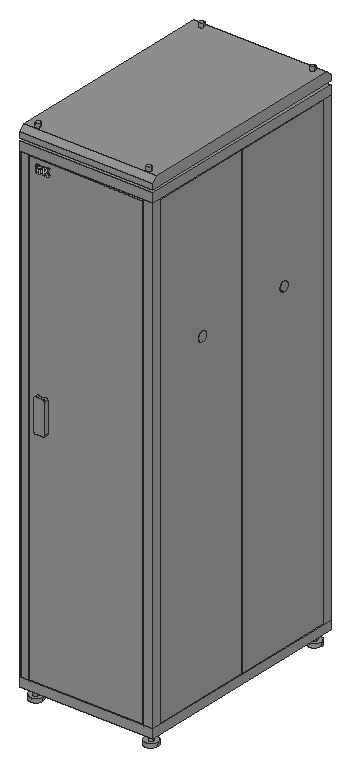
Revit family "ITK Шкаф сетевой 19 LINEA N 18U (600х1000 мм ) с металлической передней дверью", category Электрооборудование, Revit 2016
Family settings
  Тип детали = Другая панель
  Размер круглого соединителя = Использовать диаметр
  Номер OmniClass = 23.80.30.11.17
  Заголовок OmniClass = Distribution Boards and Control Panels
  На основе рабочей плоскости = Нет
  Всегда вертикально = Да
  При загрузке вырезать с полостями = Нет
  Общий = Нет
  Точка расчета площади = Нет
Parameters
  Ширина УГО = Ширина / 100  # 6 mm
  Ширина = 600 mm
  Степень защиты = "IP20"
  Смещение УГО по X [instance] = 1000 mm
  Основание = 50 mm
  Описание = "Напольные 19-дюймовые шкафы серии LINEA N применяются для размещения различного телекоммуникационного 19-дюймового активного и пассивного оборудования и небольших серверов, а также специализированного оборудования стандарта 19 дюймов, и отлично подходят для размещения как в офисных помещениях, так и в специализированных серверных комнатах.\r\n\r\nШирокий диапазон типоразмеров и модификаций сетевых шкафов, а также наличие большого количества комплектующих и аксессуаров к ним позволяет заказчику подобрать необходимую спецификацию в соответствии со стоящими перед ним задачами, а соответствие международным стандартам, таким как ISO9001, IEC 297, ISO/IEC 1180, обеспечивает совместимость с компонентами СКС и оборудованием других производителей.\r\n\r\nШкафы LINEA N обладают современным привлекательным дизайном и технологичной, но в то же время простой и удобной конструкцией, которая дает возможность эффективно справляться с задачами быстрого монтажа, администрирования и оперативного изменения конфигурации 19-дюймового оборудования, задачей защиты этого оборудования и поддержания для него оптимального температурного режима. Доступ внутрь шкафа возможен со всех сторон, для ввода кабеля предусмотрены вводы в верхней и нижней части. Сборка шкафа осуществляется одним специалистом и занимает не более 20 минут.\r\nРегулируемые по глубине 19-дюймовые направляющие.\r\nСовременный привлекательный дизайн.\r\nМонтажные профили имеют разметку в юнитах (U).\r\nХорошая естественная вентиляция, возможность установки дополнительных вентиляторных модулей.\r\nБоковые стенки оснащены замком и защелками.\r\nВозможность замены регулируемых ножек на ролики с тормозом.\r\nСтатическая нагрузка до 1000 кг (ножки).\r\nСборка одним человеком за 20 минут.\r\nНаличие большого количества совместимых аксессуаров и комплектующих производства ITK.\r\nВозможно исполнение в двух цветах: сером (RAL7035) и черном (RAL9005).\r\nРасширенная гарантия до 10 лет."  # constant formula
  Материал = Окраска - RAL 9005
  Крышка вентиляционная = 60 mm
  Type Comments = " "
  Assembly Code = ""
  Изготовитель = "ITK"  # constant formula
  Засечка УГО = 1.2 mm  # constant formula
  Model = ""
  Глубина УГО = Глубина / 100  # 10 mm
  Глубина = 1000 mm
  Высота = 2312 mm
  Вид установки = "Напольный"
  URL = "http://www.itk-group.ru/produktsiya/catalog/?page=section&id=450&pagen=1&pagec=100"
  ADSK_Ток = ADSK_Номинальная мощность / (ADSK_Коэффициент мощности * ADSK_Напряжение * sqrt(ADSK_Количество фаз числовое))  # 0 A
  ADSK_Примечание = ""
  ADSK_Полная мощность = ADSK_Номинальная мощность / ADSK_Коэффициент мощности  # 0 VA
  ADSK_Позиция [instance] = ""
  ADSK_Номинальная мощность = 0 W
  ADSK_Напряжение = 220 V
  ADSK_Наименование краткое = "LN35-47U61-M"
  ADSK_Наименование = "ITK Шкаф сетевой 19\" LINEA N 47U 600х1000 мм, металлическая передняя дверь, серый"
  ADSK_Масса = 0
  ADSK_Марка = "LN35-47U61-M"
  ADSK_Коэффициент мощности = 1
  ADSK_Количество фаз числовое = 1
  ADSK_Количество фаз = 1
  ADSK_Код изделия = ""
  ADSK_Классификация нагрузок = Прочее
  ADSK_Завод-изготовитель = "IEK"
  ADSK_Единица измерения = "шт"
  ADSK_Группирование = "I. ЩИТЫ И ПУЛЬТЫ"
Reference planes
  plane 1 "По центру (Вперед/Назад)": y = 0
  plane 2: z = 0
  plane 3 "По центру (Влево/Вправо)": x = 0
  plane 4: x = -300
  plane 5: x = 300
  plane 6: y = 500
  plane 7: y = -500
  plane 8: z = 2312
  plane 9: z = 250
  plane 10: z = 2252
  plane 11: z = 50
  plane 12 "Смещение УГО по X": x = -1000
Forms (mm)
  Extrusion 1, solid, detail levels coarse+medium
    sketch origin (0, 0, 0) x (1, 0, 0) y (0, 1, 0)
      loop
        line (-300, 500) -> (-300, -500) -> (300, -500) -> (300, 500) -> (-300, 500)
    from 0 to 2312 <- "Высота"
Lines and regions (mm)
  reference lines
    curve 1: line (0, 206.72, 0) -> (0, -333.28, 0)
Dimensions and locks
  equal spacing: plane 7, plane 1 "По центру (Вперед/Назад)", plane 6
  "Глубина": plane 7 to plane 6
  equal spacing: plane 4, plane 3 "По центру (Влево/Вправо)", plane 5
  "Ширина": plane 4 to plane 5
  "Крышка вентиляционная": plane 8 to plane 10
  "Основание": plane 11 to plane 2
  "Высота": plane 8 to plane 2
  plane 12 "Смещение УГО по X" to plane 3 "По центру (Влево/Вправо)" = 1000 mm
  "Смещение УГО по X": plane 12 "Смещение УГО по X" to curve 1
  aligned and locked: level to plane 2
  aligned and locked: plane 1 "По центру (Вперед/Назад)" to nested 1
  aligned and locked: plane 3 "По центру (Влево/Вправо)" to nested 1
  aligned and locked: plane 1 "По центру (Вперед/Назад)" to nested 2
  aligned and locked: plane 3 "По центру (Влево/Вправо)" to nested 2
  aligned and locked: plane 1 "По центру (Вперед/Назад)" to nested 3
  aligned and locked: plane 3 "По центру (Влево/Вправо)" to nested 3
  aligned and locked: plane 3 "По центру (Влево/Вправо)" to nested 4
  aligned and locked: plane 1 "По центру (Вперед/Назад)" to nested 4
  aligned and locked: plane 1 "По центру (Вперед/Назад)" to nested 5
  aligned and locked: plane 3 "По центру (Влево/Вправо)" to nested 5
  aligned and locked: Extrusion 1 sketch curve to plane 4
  aligned and locked: Extrusion 1 sketch curve to plane 6
  aligned and locked: plane 7 to Extrusion 1 sketch curve
  aligned and locked: plane 5 to Extrusion 1 sketch curve
  aligned and locked: plane 1 "По центру (Вперед/Назад)" to nested 6
  aligned and locked: plane 3 "По центру (Влево/Вправо)" to nested 7
  aligned and locked: plane 1 "По центру (Вперед/Назад)" to nested 7
  aligned and locked: plane 3 "По центру (Влево/Вправо)" to nested 8
  aligned and locked: plane 7 to nested 8
  aligned and locked: nested 6 to curve 1
Automatic sketch dimensions
  curve 1 to plane 7 = 166.72 mm
  curve 1 to plane 1 "По центру (Вперед/Назад)" = 206.72 mm
Nested families
  nested 1: "Стойка_комплект 4шт" at (0, 0, 0), type "Стойка_комплект 4шт", detail levels fine
    with Основание 50 mm, Глубина 1000 mm, Высота 2312 mm
  nested 2: "Панель задняя" at (0, 0, 0), type "Панель задняя", detail levels fine
    with Основание 50 mm, Крыша вентиляционная 60 mm, Глубина 1000 mm, Высота 2312 mm
  nested 3: "Основание_2шт" at (0, 0, 0), type "Основание_2шт", detail levels fine
    with Крыша вентиляционная 60 mm, Глубина 1000 mm, Высота 2312 mm
  nested 4: "Крыша вентиляционная" at (0, 0, 0), type "Крыша вентиляционная", detail levels fine
    with Крыша вентиляционная 60 mm, Глубина 1000 mm, Высота 2312 mm
  nested 5: "Ножки" at (0, 0, 0), type "Ножки", detail levels fine
    with Крыша вентиляционная 60 mm, Глубина 1000 mm, Высота 2312 mm
  nested 6: "УГО (одна дверь)" at (0, 0, 0), type "УГО (одна дверь)", detail levels coarse+medium
    with Ширина УГО 6 mm, Засечка УГО 1.2 mm, Глубина УГО 10 mm
  nested 7: "Панель боковая (1000мм)_2шт" at (0, 0, 0), type "Панель боковая (1000мм)_2шт", detail levels fine
  nested 8: "Комплект двери металлической" at (0, 0, 0), type "Комплект двери металлической", detail levels fine
    with Глубина 1000 mm
Connectors
  electrical at (0, 500, 1156), driven by "ADSK_Напряжение", driven by "ADSK_Количество фаз", driven by "ADSK_Коэффициент мощности", driven by "ADSK_Классификация нагрузок", driven by "ADSK_Полная мощность"
    settings: on Extrusion 1, index 1, voltage 220 V, apparent load 0 VA, apparent load phase1 0 VA, apparent load phase2 0 VA, apparent load phase3 0 VA, power factor 1, load classification "Прочее", number of poles 1, system type 31, power factor state 1, is connector primary yes, connector utility no, sub classification motor no, connector description ""
Definition of nested family "Стойка_комплект 4шт"
  Parameters
    Ширина = 600 mm
    Основание = 150 mm
    Материал = none
    Крыша вентиляционная = 60 mm
    Глубина = 600 mm
    Высота = 2200 mm
  Reference planes
    plane 1 "По центру (Вперед/Назад)": y = 0
    plane 2: z = 0
    plane 3 "По центру (Влево/Вправо)": x = 0
    plane 4: x = -300
    plane 5: x = 300
    plane 6: y = 300
    plane 7: y = -300
    plane 8: y = 260
    plane 9: y = -260
    plane 10: x = -260
    plane 11: x = 260
    plane 12: z = 2100
    plane 13: z = 190
    plane 14: z = 150
    plane 15: z = 2140
    plane 16: z = 2200
  Forms (mm)
    Extrusion 1, solid, material <- "Материал"
      sketch origin (0, 0, 0) x (1, 0, 0) y (0, 1, 0)
        loop
          line (-300, -260) -> (-300, -300) -> (-260, -300) -> (-260, -280) -> (-245, -280) -> (-245, -260) -> (-260, -260) -> (-260, -245) -> (-270, -245) -> (-270, -260) -> (-300, -260)
        loop
          line (300, -260) -> (270, -260) -> (270, -245) -> (260, -245) -> (260, -260) -> (245, -260) -> (245, -280) -> (260, -280) -> (260, -300) -> (300, -300) -> (300, -260)
        loop
          line (300, 260) -> (300, 300) -> (260, 300) -> (260, 270) -> (245, 270) -> (245, 260) -> (260, 260) -> (260, 245) -> (270, 245) -> (270, 260) -> (300, 260)
        loop
          line (-300, 260) -> (-270, 260) -> (-270, 245) -> (-260, 245) -> (-260, 260) -> (-245, 260) -> (-245, 270) -> (-260, 270) -> (-260, 300) -> (-300, 300) -> (-300, 260)
        loop
          line (297, 297) -> (263, 297) -> (263, 267) -> (248, 267) -> (248, 263) -> (263, 263) -> (263, 248) -> (267, 248) -> (267, 263) -> (297, 263) -> (297, 297)
        loop
          line (-263, 297) -> (-297, 297) -> (-297, 263) -> (-267, 263) -> (-267, 248) -> (-263, 248) -> (-263, 263) -> (-248, 263) -> (-248, 267) -> (-263, 267) -> (-263, 297)
        loop
          line (-297, -263) -> (-297, -297) -> (-263, -297) -> (-263, -277) -> (-248, -277) -> (-248, -263) -> (-263, -263) -> (-263, -248) -> (-267, -248) -> (-267, -263) -> (-297, -263)
        loop
          line (263, -297) -> (297, -297) -> (297, -263) -> (267, -263) -> (267, -248) -> (263, -248) -> (263, -263) -> (248, -263) -> (248, -277) -> (263, -277) -> (263, -297)
      from 190 to 2100
  Dimensions and locks
    equal spacing: plane 7, plane 1 "По центру (Вперед/Назад)", plane 6
    equal spacing: plane 4, plane 3 "По центру (Влево/Вправо)", plane 5
    "Ширина": plane 4 to plane 5
    "Глубина": plane 7 to plane 6
    locked: plane 7 to plane 9 at 40
    locked: plane 6 to plane 8 at 40
    locked: plane 11 to plane 5 at 40
    locked: plane 4 to plane 10 at 40
    locked: plane 15 to plane 12 at 40
    "Крыша вентиляционная": plane 16 to plane 15
    locked: plane 13 to plane 14 at 40
    "Основание": plane 14 to plane 2
    "Высота": plane 16 to plane 2
    aligned and locked: level to plane 2
    aligned and locked: plane 9 to Extrusion 1 sketch curve
    aligned and locked: plane 4 to Extrusion 1 sketch curve
    aligned and locked: Extrusion 1 sketch curve to plane 7
    aligned and locked: plane 5 to Extrusion 1 sketch curve
    aligned and locked: plane 8 to Extrusion 1 sketch curve  (x2)
    aligned and locked: Extrusion 1 sketch curve to plane 11  (x2)
    aligned and locked: Extrusion 1 sketch curve to plane 6
    aligned and locked: plane 10 to Extrusion 1 sketch curve  (x2)
    aligned and locked: Extrusion 1 sketch curve to plane 8  (x2)
    aligned and locked: plane 6 to Extrusion 1 sketch curve
    aligned and locked: Extrusion 1 sketch curve to plane 4
    aligned and locked: plane 7 to Extrusion 1 sketch curve
    aligned and locked: Extrusion 1 sketch curve to plane 5
    aligned and locked: Extrusion 1 sketch curve to plane 9
    aligned and locked: plane 11 to Extrusion 1 sketch curve
    aligned and locked: plane 12 to Extrusion 1
    aligned and locked: Extrusion 1 to plane 13
  Automatic sketch dimensions
    Extrusion 1 sketch curve to plane 10 = 0 mm  (x2)
    plane 9 to Extrusion 1 sketch curve = 0 mm  (x2)
    Extrusion 1 sketch curve to plane 11 = 0 mm
    plane 4 to Extrusion 1 sketch curve = 3 mm  (x2)
    Extrusion 1 sketch curve to plane 10 = 10 mm  (x2)
    Extrusion 1 sketch curve to Extrusion 1 sketch curve = 3 mm  (x16)
    Extrusion 1 sketch curve to plane 10 = 3 mm  (x4)
    plane 10 to Extrusion 1 sketch curve = 12 mm  (x2)
    Extrusion 1 sketch curve to Extrusion 1 sketch curve = 15 mm  (x2)
    Extrusion 1 sketch curve to plane 11 = 3 mm  (x4)
    Extrusion 1 sketch curve to Extrusion 1 sketch curve = 4 mm  (x4)
    plane 5 to Extrusion 1 sketch curve = 3 mm  (x2)
    Extrusion 1 sketch curve to plane 7 = 3 mm  (x2)
    Extrusion 1 sketch curve to plane 7 = 20 mm  (x2)
    plane 9 to Extrusion 1 sketch curve = 3 mm  (x4)
    Extrusion 1 sketch curve to plane 9 = 12 mm  (x2)
    Extrusion 1 sketch curve to plane 8 = 15 mm  (x2)
    plane 8 to Extrusion 1 sketch curve = 3 mm  (x4)
    Extrusion 1 sketch curve to plane 6 = 3 mm  (x2)
Definition of nested family "Панель задняя"
  Parameters
    Ширина = 600 mm
    Основание = 150 mm
    Материал = none
    Крыша вентиляционная = 45 mm
    Глубина = 600 mm
    Высота = 1800 mm
  Reference planes
    plane 1 "По центру (Вперед/Назад)": y = 0
    plane 2: z = 0
    plane 3 "По центру (Влево/Вправо)": x = 0
    plane 4: x = -300
    plane 5: x = 300
    plane 6: y = 300
    plane 7: y = -300
    plane 8: y = 260
    plane 9: y = -260
    plane 10: x = -260
    plane 11: x = 260
    plane 12: z = 1715
    plane 13: z = 190
    plane 14: z = 1710
    plane 15: z = 195
    plane 16: z = 1755
    plane 17: z = 1800
    plane 18: z = 150
    plane 19: z = 240
    plane 20: z = 320
    plane 21: z = 370
    plane 22: z = 1665
    plane 23: z = 1585
    plane 24: z = 1535
    plane 25: z = 952.5
    plane 26: x = 140
    plane 27: x = -140
  Forms (mm)
    Extrusion 1, solid, material <- "Материал"
      sketch origin (0, 0, 0) x (1, 0, 0) y (0, 1, 0)
        loop
          line (-255, 300) -> (-255, 270) -> (-245, 270) -> (-245, 290) -> (245, 290) -> (245, 270) -> (255, 270) -> (255, 300) -> (-255, 300)
      from 195 to 1710
    Extrusion 2, void
      sketch origin (0, 0, 0) x (1, 0, 0) y (0, 0, 1)
        loop
          line (-255, 372.527) -> (-255, 367.473) -> (255, 367.473) -> (255, 372.527) -> (-255, 372.527)
        loop
          line (-175, 320) -> (-175, 240) -> (175, 240) -> (175, 320) -> (-175, 320)
        loop
          line (-170, 245) -> (170, 245) -> (170, 315) -> (-170, 315) -> (-170, 245)
        loop
          line (-255, 1532.473) -> (255, 1532.473) -> (255, 1537.527) -> (-255, 1537.527) -> (-255, 1532.473)
        loop
          line (-175, 1585) -> (175, 1585) -> (175, 1665) -> (-175, 1665) -> (-175, 1585)
        loop
          line (-170, 1660) -> (-170, 1590) -> (170, 1590) -> (170, 1660) -> (-170, 1660)
      from -300 to -293
  Cuts and joins
    Extrusion 2 cuts Extrusion 1
  Dimensions and locks
    equal spacing: plane 7, plane 1 "По центру (Вперед/Назад)", plane 6
    equal spacing: plane 4, plane 3 "По центру (Влево/Вправо)", plane 5
    "Ширина": plane 4 to plane 5
    "Глубина": plane 7 to plane 6
    locked: plane 7 to plane 9 at 40
    locked: plane 6 to plane 8 at 40
    locked: plane 11 to plane 5 at 40
    locked: plane 4 to plane 10 at 40
    locked: plane 12 to plane 14 at 5
    locked: plane 15 to plane 13 at 5
    locked: plane 16 to plane 12 at 40
    "Крыша вентиляционная": plane 17 to plane 16
    locked: plane 13 to plane 18 at 40
    "Основание": plane 18 to plane 2
    equal spacing: Extrusion 2 sketch curve, plane 21, Extrusion 2 sketch curve
    locked: Extrusion 2 sketch curve to Extrusion 2 sketch curve at 5.053  (x2)
    equal spacing: Extrusion 2 sketch curve, plane 3 "По центру (Влево/Вправо)", Extrusion 2 sketch curve  (x2)
    locked: Extrusion 2 sketch curve to Extrusion 2 sketch curve at 350  (x2)
    locked: plane 19 to plane 13 at 50
    locked: plane 21 to plane 20 at 50
    locked: plane 20 to plane 19 at 80
    locked: plane 23 to plane 24 at 50
    locked: plane 12 to plane 22 at 50
    locked: plane 22 to plane 23 at 80
    equal spacing: Extrusion 2 sketch curve, plane 24, Extrusion 2 sketch curve
    locked: plane 27 to plane 10 at 120
    locked: plane 26 to plane 11 at 120
    "Высота": plane 17 to plane 2
    equal spacing: plane 18, plane 25, plane 16
    aligned and locked: level to plane 2
    aligned and locked: Extrusion 1 sketch curve to plane 6
    aligned and locked: plane 14 to Extrusion 1
    aligned and locked: Extrusion 1 to plane 15
    aligned and locked: Extrusion 2 sketch curve to Extrusion 1  (x2)
    aligned and locked: Extrusion 2 sketch curve to plane 20
    aligned and locked: plane 19 to Extrusion 2 sketch curve
    aligned and locked: plane 6 to Extrusion 2
    aligned and locked: Extrusion 2 sketch curve to plane 23
    aligned and locked: plane 22 to Extrusion 2 sketch curve
    aligned and locked: nested 2 to plane 25
    aligned and locked: plane 26 to nested 2
    aligned and locked: nested 1 to plane 25
    aligned and locked: nested 1 to plane 27
  Automatic sketch dimensions
    plane 10 to Extrusion 1 sketch curve = 5 mm
    Extrusion 1 sketch curve to Extrusion 1 sketch curve = 10 mm
    plane 11 to Extrusion 1 sketch curve = 15 mm
    plane 11 to Extrusion 1 sketch curve = 5 mm
    Extrusion 1 sketch curve to plane 6 = 10 mm
    plane 8 to Extrusion 1 sketch curve = 10 mm  (x2)
    plane 10 to Extrusion 2 sketch curve = 5 mm
    Extrusion 2 sketch curve to Extrusion 2 sketch curve = 5 mm  (x4)
    plane 11 to Extrusion 2 sketch curve = 5 mm
    plane 19 to Extrusion 2 sketch curve = 5 mm
    Extrusion 2 sketch curve to plane 20 = 5 mm
    plane 23 to Extrusion 2 sketch curve = 5 mm
    Extrusion 2 sketch curve to plane 22 = 5 mm
  Nested families
    nested 1: "Замок" at (-140, 300, 952.5) x (-1, 0, 0) z (0, 1, 0), type "Замок"
    nested 2: "Замок" at (140, 300, 952.5) x (-1, 0, 0) z (0, 1, 0), type "Замок"
  Definition of nested family "Замок"
    Parameters
      Default Elevation = 1219.2 mm
      Материал = none
    Reference planes
      plane 1 "По центру (Вперед/Назад)": y = 0
      plane 2: z = 0
      plane 3 "По центру (Влево/Вправо)": x = 0
    Forms (mm)
      Extrusion 1, solid
        sketch origin (0, 0, 0) x (1, 0, 0) y (0, 1, 0)
          loop
            line (-1219.2, 1219.2) -> (-1219.2, -1219.2) -> (1219.2, -1219.2) -> (1219.2, 1219.2) -> (-1219.2, 1219.2)
        from 0 to -304.8
      Extrusion 2, solid, material <- "Материал"
        sketch origin (0, 0, 0) x (1, 0, 0) y (0, 1, 0)
          loop
            circle (0, 0) r 20
          loop
            line (3, 8.219) -> (-3, 8.219) -> (-3, -8.219) -> (3, -8.219) -> (3, 8.219)
        from 0 to 7
    Dimensions and locks
      aligned and locked: plane 2 to Extrusion 1
      aligned and locked: level to Extrusion 1
Definition of nested family "Основание_2шт"
  Parameters
    Ширина = 600 mm
    Основание = 50 mm
    Материал = none
    Крыша вентиляционная = 100 mm
    Глубина = 600 mm
    Высота = 1800 mm
  Reference planes
    plane 1 "По центру (Вперед/Назад)": y = 0
    plane 2: z = 0
    plane 3 "По центру (Влево/Вправо)": x = 0
    plane 4: x = -300
    plane 5: x = 300
    plane 6: y = 300
    plane 7: y = -300
    plane 8: y = 260
    plane 9: y = -260
    plane 10: x = -260
    plane 11: x = 260
    plane 12: z = 1800
    plane 13: z = 90
    plane 14: z = 50
    plane 15: z = 1700
    plane 16: z = 1660
    plane 17: z = 1655
    plane 18: z = 95
  Forms (mm)
    Extrusion 1, solid, material <- "Материал"
      sketch origin (0, 0, 0) x (1, 0, 0) y (0, 0, 1)
        loop
          line (-300, 1700) -> (-300, 1660) -> (300, 1660) -> (300, 1700) -> (-300, 1700)
        loop
          line (-300, 90) -> (-300, 50) -> (300, 50) -> (300, 90) -> (-300, 90)
      from -300 to 300
    Extrusion 2, solid, material <- "Материал"
      sketch origin (-1511.359, -1524, 1660) x (-1, 0, 0) y (0, -1, 0)
        loop
          line (-1771.359, -1769) -> (-1771.359, -1784) -> (-1756.359, -1784) -> (-1756.359, -1814) -> (-1266.359, -1814) -> (-1266.359, -1784) -> (-1251.359, -1784) -> (-1251.359, -1769) -> (-1221.359, -1769) -> (-1221.359, -1279) -> (-1251.359, -1279) -> (-1251.359, -1264) -> (-1266.359, -1264) -> (-1266.359, -1244) -> (-1756.359, -1244) -> (-1756.359, -1264) -> (-1771.359, -1264) -> (-1771.359, -1279) -> (-1801.359, -1279) -> (-1801.359, -1769) -> (-1771.359, -1769)
      from -5 to 0
    Extrusion 3, solid, material <- "Материал"
      sketch origin (-1511.359, -1524, 384.733) x (0, 1, 0) y (1, 0, 0)
        loop
          line (1769, 1771.359) -> (1769, 1801.359) -> (1279, 1801.359) -> (1279, 1771.359) -> (1264, 1771.359) -> (1264, 1756.359) -> (1244, 1756.359) -> (1244, 1266.359) -> (1264, 1266.359) -> (1264, 1251.359) -> (1279, 1251.359) -> (1279, 1221.359) -> (1769, 1221.359) -> (1769, 1251.359) -> (1784, 1251.359) -> (1784, 1266.359) -> (1814, 1266.359) -> (1814, 1756.359) -> (1784, 1756.359) -> (1784, 1771.359) -> (1769, 1771.359)
      from 289.733 to 294.733
  Dimensions and locks
    equal spacing: plane 7, plane 1 "По центру (Вперед/Назад)", plane 6
    equal spacing: plane 4, plane 3 "По центру (Влево/Вправо)", plane 5
    "Ширина": plane 4 to plane 5
    "Глубина": plane 7 to plane 6
    locked: plane 7 to plane 9 at 40
    locked: plane 6 to plane 8 at 40
    locked: plane 11 to plane 5 at 40
    locked: plane 4 to plane 10 at 40
    "Основание": plane 14 to plane 2
    locked: plane 13 to plane 14 at 40
    locked: plane 15 to plane 16 at 40
    "Крыша вентиляционная": plane 12 to plane 15
    locked: plane 16 to plane 17 at 5
    locked: plane 18 to plane 13 at 5
    "Высота": plane 12 to plane 2
    aligned and locked: level to plane 2
    aligned and locked: Extrusion 1 sketch curve to plane 15
    aligned and locked: plane 4 to Extrusion 1 sketch curve  (x2)
    aligned and locked: plane 16 to Extrusion 1 sketch curve
    aligned and locked: plane 5 to Extrusion 1 sketch curve  (x2)
    aligned and locked: Extrusion 1 sketch curve to plane 13
    aligned and locked: plane 14 to Extrusion 1 sketch curve
    aligned and locked: plane 6 to Extrusion 1
    aligned and locked: plane 7 to Extrusion 1
    aligned and locked: plane 9 to Extrusion 2 sketch curve
    aligned and locked: Extrusion 2 sketch curve to plane 9
    aligned and locked: Extrusion 2 sketch curve to plane 10
    aligned and locked: plane 11 to Extrusion 2 sketch curve
    aligned and locked: Extrusion 2 sketch curve to plane 11
    aligned and locked: plane 8 to Extrusion 2 sketch curve
    aligned and locked: Extrusion 2 sketch curve to plane 8
    aligned and locked: plane 10 to Extrusion 2 sketch curve
    aligned and locked: plane 16 to Extrusion 2
    aligned and locked: Extrusion 2 to plane 17
    aligned and locked: Extrusion 3 to plane 13
    aligned and locked: plane 18 to Extrusion 3
    aligned and locked: Extrusion 2 sketch curve to Extrusion 3
  Automatic sketch dimensions
    plane 5 to Extrusion 2 sketch curve = 10 mm
    Extrusion 2 sketch curve to Extrusion 2 sketch curve = 15 mm  (x2)
    plane 10 to Extrusion 2 sketch curve = 15 mm  (x2)
    plane 4 to Extrusion 2 sketch curve = 10 mm
    Extrusion 2 sketch curve to plane 6 = 10 mm
    Extrusion 2 sketch curve to plane 8 = 15 mm  (x2)
    Extrusion 2 sketch curve to plane 9 = 15 mm  (x2)
    plane 9 to Extrusion 3 sketch curve = 0 mm  (x2)
    Extrusion 3 sketch curve to plane 11 = 0 mm  (x2)
    Extrusion 3 sketch curve to plane 10 = 0 mm  (x2)
    Extrusion 3 sketch curve to plane 8 = 0 mm  (x2)
    Extrusion 3 sketch curve to plane 7 = 20 mm
    Extrusion 3 sketch curve to plane 9 = 15 mm  (x2)
    Extrusion 3 sketch curve to Extrusion 3 sketch curve = 15 mm  (x3)
    Extrusion 3 sketch curve to plane 8 = 15 mm
    Extrusion 3 sketch curve to plane 6 = 10 mm
    plane 5 to Extrusion 3 sketch curve = 10 mm
    plane 10 to Extrusion 3 sketch curve = 15 mm  (x2)
    plane 4 to Extrusion 3 sketch curve = 10 mm
Definition of nested family "Крыша вентиляционная"
  Parameters
    Ширина = 600 mm
    Основание = 50 mm
    Материал = none
    Крыша вентиляционная = 65 mm
    Глубина = 600 mm
    Высота = 1805 mm
  Reference planes
    plane 1 "По центру (Вперед/Назад)": y = 0
    plane 2: z = 0
    plane 3 "По центру (Влево/Вправо)": x = 0
    plane 4: x = -300
    plane 5: x = 300
    plane 6: y = 300
    plane 7: y = -300
    plane 8: y = 260
    plane 9: y = -260
    plane 10: x = -260
    plane 11: x = 260
    plane 12: z = 1805
    plane 13: z = 50
    plane 14: z = 1740
    plane 15: z = 1820
    plane 16: z = 1755
  Forms (mm)
    Extrusion 1, solid, material <- "Материал"
      sketch origin (-1511.359, -1524, 1710) x (-1, 0, 0) y (0, -1, 0)
        loop
          circle (-1761.359, -1784) r 10
        loop
          circle (-1761.359, -1264) r 10
        loop
          circle (-1261.359, -1784) r 10
        loop
          circle (-1261.359, -1264) r 10
      from 30 to 110
    Extrusion 2, solid, material <- "Материал"
      sketch origin (0, 0, 0) x (0, 1, 0) y (0, 0, 1)
        loop
          line (-275, 1805) -> (-300, 1780) -> (-300, 1755) -> (300, 1755) -> (300, 1780) -> (275, 1805) -> (-275, 1805)
      from -300 to 300
  Cuts and joins
    joined: Extrusion 1, Extrusion 2
  Dimensions and locks
    equal spacing: plane 7, plane 1 "По центру (Вперед/Назад)", plane 6
    equal spacing: plane 4, plane 3 "По центру (Влево/Вправо)", plane 5
    "Ширина": plane 4 to plane 5
    "Глубина": plane 7 to plane 6
    locked: plane 7 to plane 9 at 40
    locked: plane 6 to plane 8 at 40
    locked: plane 11 to plane 5 at 40
    locked: plane 4 to plane 10 at 40
    "Основание": plane 13 to plane 2
    "Крыша вентиляционная": plane 12 to plane 14
    locked: plane 15 to plane 12 at 15
    locked: plane 16 to plane 14 at 15
    equal spacing: plane 12, Extrusion 2 sketch curve, plane 16  (x2)
    "Высота": plane 12 to plane 2
    locked: plane 12 to Extrusion 2 sketch curve (angle 45.00°)
    locked: Extrusion 2 sketch curve to plane 12 (angle 45.00°)
    aligned and locked: level to plane 2
    aligned and locked: Extrusion 1 to plane 14
    aligned and locked: plane 15 to Extrusion 1
    aligned and locked: Extrusion 2 sketch curve to plane 12
    aligned and locked: Extrusion 2 sketch curve to plane 7
    aligned and locked: plane 16 to Extrusion 2 sketch curve
    aligned and locked: Extrusion 2 sketch curve to plane 6
    aligned and locked: Extrusion 2 to plane 4
    aligned and locked: Extrusion 2 to plane 5
  Automatic sketch dimensions
    plane 9 to Extrusion 1 sketch curve = 0 mm  (x2)
    Extrusion 1 sketch curve to plane 8 = 0 mm  (x2)
    plane 11 to Extrusion 1 sketch curve = 10 mm  (x2)
    plane 10 to Extrusion 1 sketch curve = 10 mm  (x2)
    radius of Extrusion 1 sketch curve = 10 mm  (x4)
Definition of nested family "Ножки"
  Parameters
    Ширина = 600 mm
    Основание = 50 mm
    Материал = none
    Крыша вентиляционная = 100 mm
    Глубина = 600 mm
    Высота = 1800 mm
  Reference planes
    plane 1 "По центру (Вперед/Назад)": y = 0
    plane 2: z = 0
    plane 3 "По центру (Влево/Вправо)": x = 0
    plane 4: x = -300
    plane 5: x = 300
    plane 6: y = 300
    plane 7: y = -300
    plane 8: y = 260
    plane 9: y = -260
    plane 10: x = -260
    plane 11: x = 260
    plane 12: z = 1850
    plane 13: z = 50
    plane 14: z = 15
  Forms (mm)
    Extrusion 1, solid, material <- "Материал"
      sketch origin (-1511.359, -1524, 1710) x (-1, 0, 0) y (0, -1, 0)
        loop
          circle (-1251.359, -1784) r 30
        loop
          circle (-1771.359, -1784) r 30
        loop
          circle (-1251.359, -1264) r 30
        loop
          circle (-1771.359, -1264) r 30
      from -1710 to -1695
    Extrusion 2, solid, material <- "Материал"
      sketch origin (-1511.359, -1524, 1710) x (-1, 0, 0) y (0, -1, 0)
        loop
          circle (-1251.359, -1784) r 10
        loop
          circle (-1771.359, -1784) r 10
        loop
          circle (-1251.359, -1264) r 10
        loop
          circle (-1771.359, -1264) r 10
      from -1695 to -1660
  Dimensions and locks
    equal spacing: plane 7, plane 1 "По центру (Вперед/Назад)", plane 6
    equal spacing: plane 4, plane 3 "По центру (Влево/Вправо)", plane 5
    "Ширина": plane 4 to plane 5
    "Глубина": plane 7 to plane 6
    locked: plane 7 to plane 9 at 40
    locked: plane 6 to plane 8 at 40
    locked: plane 11 to plane 5 at 40
    locked: plane 4 to plane 10 at 40
    "Основание": plane 13 to plane 2
    "Высота": plane 12 to plane 13
    locked: plane 14 to plane 2 at 15
    aligned and locked: level to plane 2
    aligned and locked: plane 10 to Extrusion 1 sketch curve  (x2)
    aligned and locked: plane 9 to Extrusion 1 sketch curve  (x2)
    aligned and locked: plane 11 to Extrusion 1 sketch curve  (x2)
    aligned and locked: plane 8 to Extrusion 1 sketch curve  (x2)
    aligned and locked: plane 10 to Extrusion 2 sketch curve  (x2)
    aligned and locked: plane 8 to Extrusion 2 sketch curve  (x2)
    aligned and locked: plane 11 to Extrusion 2 sketch curve  (x2)
    aligned and locked: plane 9 to Extrusion 2 sketch curve  (x2)
    aligned and locked: Extrusion 1 to level
    aligned and locked: plane 14 to Extrusion 1
    aligned and locked: Extrusion 2 to plane 14
    aligned and locked: plane 13 to Extrusion 2
  Automatic sketch dimensions
    radius of Extrusion 1 sketch curve = 30 mm  (x4)
    radius of Extrusion 2 sketch curve = 10 mm  (x4)
Definition of nested family "Панель боковая (1000мм)_2шт"
  Parameters (values of type "Панель боковая (1000мм)_2шт")
    Ширина = 600 mm
    Основание = 50 mm
    Материал = none
    Крышка вентиляционная = 60 mm
    Глубина = 1000 mm
    Высота = 2312 mm
  Reference planes
    plane 1 "По центру (Вперед/Назад)": y = 0
    plane 2: z = 0
    plane 3 "По центру (Влево/Вправо)": x = 0
    plane 4: x = -300
    plane 5: x = 300
    plane 6: y = 500
    plane 7: y = -500
    plane 8: y = 460
    plane 9: y = -460
    plane 10: x = -260
    plane 11: x = 260
    plane 12: z = 90
    plane 13: z = 95
    plane 14: z = 50
    plane 15: z = 1558
    plane 16: z = 2212
    plane 17: z = 2312
    plane 18: z = 804
    plane 19: z = 2252
    plane 20: z = 2207
  Forms (mm)
    Extrusion 1, solid, material <- "Материал"
      sketch origin (0, 0, 0) x (1, 0, 0) y (0, 1, 0)
        loop
          line (-300, 455) -> (-300, 5) -> (-270, 5) -> (-270, 15) -> (-289.98, 15) -> (-289.98, 445) -> (-270, 445) -> (-270, 455) -> (-300, 455)
        loop
          line (-300, -455) -> (-270, -455) -> (-270, -445) -> (-289.98, -445) -> (-289.98, -15) -> (-270, -15) -> (-270, -5) -> (-300, -5) -> (-300, -455)
        loop
          line (300, -455) -> (300, -5) -> (270, -5) -> (270, -15) -> (289.98, -15) -> (289.98, -445) -> (270, -445) -> (270, -455) -> (300, -455)
        loop
          line (300, 455) -> (270, 455) -> (270, 445) -> (289.98, 445) -> (289.98, 15) -> (270, 15) -> (270, 5) -> (300, 5) -> (300, 455)
      from 95 to 2207
  Dimensions and locks
    equal spacing: plane 7, plane 1 "По центру (Вперед/Назад)", plane 6
    equal spacing: plane 4, plane 3 "По центру (Влево/Вправо)", plane 5
    "Ширина": plane 4 to plane 5
    "Глубина": plane 7 to plane 6
    locked: plane 7 to plane 9 at 40
    locked: plane 6 to plane 8 at 40
    locked: plane 11 to plane 5 at 40
    locked: plane 4 to plane 10 at 40
    locked: plane 13 to plane 12 at 5
    locked: plane 12 to plane 14 at 40
    "Основание": plane 14 to plane 2
    "Высота": plane 17 to plane 2
    equal spacing: plane 17, plane 15, plane 18, plane 14
    "Крышка вентиляционная": plane 17 to plane 19
    locked: plane 19 to plane 16 at 40
    locked: plane 16 to plane 20 at 5
    aligned and locked: level to plane 2
    aligned and locked: Extrusion 1 to plane 13
    aligned and locked: nested 1 to plane 15
    aligned and locked: Extrusion 1 sketch curve to plane 4
    aligned and locked: nested 3 to plane 15
    aligned and locked: plane 15 to nested 4
    aligned and locked: plane 15 to nested 2
    aligned and locked: plane 20 to Extrusion 1
  Automatic sketch dimensions
    Extrusion 1 sketch curve to plane 4 = 0 mm
    Extrusion 1 sketch curve to plane 5 = 0 mm  (x2)
    plane 4 to Extrusion 1 sketch curve = 10.02 mm  (x2)
    Extrusion 1 sketch curve to plane 10 = 10 mm  (x4)
    Extrusion 1 sketch curve to plane 9 = 5 mm  (x2)
    Extrusion 1 sketch curve to plane 1 "По центру (Вперед/Назад)" = 5 mm  (x2)
    plane 1 "По центру (Вперед/Назад)" to Extrusion 1 sketch curve = 5 mm  (x2)
    Extrusion 1 sketch curve to plane 11 = 10 mm  (x4)
    plane 5 to Extrusion 1 sketch curve = 10.02 mm  (x2)
    Extrusion 1 sketch curve to Extrusion 1 sketch curve = 10 mm  (x6)
    Extrusion 1 sketch curve to plane 8 = 15 mm  (x2)
    Extrusion 1 sketch curve to plane 8 = 5 mm  (x2)
  Nested families
    nested 1: "Замок" at (300, 230, 1558) x (0, 1, 0) z (1, 0, 0), type "Замок"
    nested 2: "Замок" at (-300, 230, 1558) x (0, 1, 0) z (-1, 0, 0), type "Замок"
    nested 3: "Замок" at (-300, -230, 1558) x (0, -1, 0) z (-1, 0, 0), type "Замок"
    nested 4: "Замок" at (300, -230, 1558) x (0, -1, 0) z (1, 0, 0), type "Замок"
  Definition of nested family "Замок"
    Parameters
      Default Elevation = 1219.2 mm
      Материал = none
    Reference planes
      plane 1 "По центру (Вперед/Назад)": y = 0
      plane 2: z = 0
      plane 3 "По центру (Влево/Вправо)": x = 0
    Forms (mm)
      Extrusion 1, solid
        sketch origin (0, 0, 0) x (1, 0, 0) y (0, 1, 0)
          loop
            line (-1219.2, 1219.2) -> (-1219.2, -1219.2) -> (1219.2, -1219.2) -> (1219.2, 1219.2) -> (-1219.2, 1219.2)
        from 0 to -304.8
      Extrusion 2, solid, material <- "Материал"
        sketch origin (0, 0, 0) x (1, 0, 0) y (0, 1, 0)
          loop
            circle (0, 0) r 20
          loop
            line (3, 8.219) -> (-3, 8.219) -> (-3, -8.219) -> (3, -8.219) -> (3, 8.219)
        from 0 to 7
    Dimensions and locks
      aligned and locked: plane 2 to Extrusion 1
      aligned and locked: level to Extrusion 1
Definition of nested family "Комплект двери металлической"
  Parameters (values of type "Комплект двери металлической")
    Ширина = 600 mm
    Основание = 50 mm
    Материал = none
    Крыша вентиляционная = 60 mm
    Глубина = 800 mm
    Высота = 2312 mm
  Reference planes
    plane 1 "По центру (Вперед/Назад)": y = 0
    plane 2: z = 0
    plane 3 "По центру (Влево/Вправо)": x = 0
    plane 4: x = -300
    plane 5: x = 300
    plane 6: y = 400
    plane 7: y = -400
    plane 8: y = 360
    plane 9: y = -360
    plane 10: x = -260
    plane 11: x = 260
    plane 12: z = 2212
    plane 13: z = 90
    plane 14: z = 2207
    plane 15: z = 95
    plane 16: z = 2252
    plane 17: z = 2312
    plane 18: z = 50
    plane 19: z = 1181
    plane 20: x = -200
    plane 21: x = -140
    plane 22: x = 140
    plane 23: z = 2157
    plane 24: x = -224.198
  Forms (mm)
    Extrusion 1, solid, material <- "Материал"
      sketch origin (0, 0, 0) x (1, 0, 0) y (0, 1, 0)
        loop
          line (-235, -380) -> (-235, -365) -> (-245, -365) -> (-245, -380) -> (-255, -380) -> (-255, -400) -> (255, -400) -> (255, -380) -> (245, -380) -> (245, -365) -> (235, -365) -> (235, -380) -> (-235, -380)
      from 95 to 2207
  Dimensions and locks
    equal spacing: plane 7, plane 1 "По центру (Вперед/Назад)", plane 6
    equal spacing: plane 4, plane 3 "По центру (Влево/Вправо)", plane 5
    "Ширина": plane 4 to plane 5
    "Глубина": plane 7 to plane 6
    locked: plane 7 to plane 9 at 40
    locked: plane 6 to plane 8 at 40
    locked: plane 11 to plane 5 at 40
    locked: plane 4 to plane 10 at 40
    locked: plane 12 to plane 14 at 5
    locked: plane 15 to plane 13 at 5
    locked: plane 16 to plane 12 at 40
    "Крыша вентиляционная": plane 17 to plane 16
    locked: plane 13 to plane 18 at 40
    "Основание": plane 18 to plane 2
    equal spacing: plane 17, plane 19, plane 18
    locked: plane 4 to plane 21 at 160
    locked: plane 22 to plane 5 at 160
    locked: plane 4 to plane 20 at 100
    locked: plane 14 to plane 23 at 50
    "Высота": plane 17 to plane 2
    aligned and locked: level to plane 2
    aligned and locked: plane 14 to Extrusion 1
    aligned and locked: nested 1 to plane 23
    aligned and locked: plane 20 to nested 2
    aligned and locked: nested 2 to plane 19
  Automatic sketch dimensions
    plane 7 to Extrusion 1 sketch curve = 0 mm
    plane 10 to Extrusion 1 sketch curve = 5 mm
    Extrusion 1 sketch curve to Extrusion 1 sketch curve = 10 mm  (x3)
    plane 9 to Extrusion 1 sketch curve = 5 mm  (x2)
    plane 11 to Extrusion 1 sketch curve = 25 mm
    plane 11 to Extrusion 1 sketch curve = 5 mm
    Extrusion 1 sketch curve to plane 7 = 20 mm
    Extrusion 1 sketch curve to Extrusion 1 sketch curve = 15 mm
    Extrusion 1 sketch curve to Extrusion 1 sketch curve = 0 mm
  Nested families
    nested 1: "Логотип" at (-200, -400, 2157) x (1, 0, 0) z (0, -1, 0), type "Логотип"
    nested 2: "Ручка" at (-200, -400, 1181) x (1, 0, 0) z (0, -1, 0), type "Ручка"
  Definition of nested family "Логотип"
    Parameters
      Default Elevation = 1219.2 mm
      Материал = none
    Reference planes
      plane 1 "По центру (Вперед/Назад)": y = 0
      plane 2: z = 0
      plane 3 "По центру (Влево/Вправо)": x = 0
    Forms (mm)
      Extrusion 1, solid
        sketch origin (0, 0, 0) x (1, 0, 0) y (0, 1, 0)
          loop
            line (-1219.2, 1219.2) -> (-1219.2, -1219.2) -> (1219.2, -1219.2) -> (1219.2, 1219.2) -> (-1219.2, 1219.2)
        from 0 to -304.8
      Extrusion 2, solid, material <- "Материал"
        sketch origin (0, 0, 0) x (1, 0, 0) y (0, 1, 0)
          loop
            line (-24.198, 18.809) -> (-24.198, 0) -> (-15.975, 0) -> (-15.975, 18.809) -> (-24.198, 18.809)
          loop
            line (0.039, 18.809) -> (-7.705, 18.809) -> (-7.705, 0) -> (0.039, 0) -> (0.039, 18.809)
          loop
            line (-24.198, 21.431) -> (-15.975, 21.431) -> (-15.975, 29.41) -> (-24.198, 29.41) -> (-24.198, 21.431)
          loop
            line (8.482, 29.41) -> (8.482, 0) -> (16.233, 0) -> (16.233, 11.027) -> (19.197, 11.027) -> (26.358, 0) -> (35.802, 0) -> (25.102, 14.728) -> (35.802, 29.41) -> (26.358, 29.41) -> (19.197, 18.383) -> (16.233, 18.383) -> (16.233, 29.41) -> (8.482, 29.41)
          loop
            line (-13.581, 29.41) -> (-13.581, 21.431) -> (5.915, 21.431) -> (5.915, 29.41) -> (-13.581, 29.41)
        from 0 to 7
    Dimensions and locks
      aligned and locked: plane 2 to Extrusion 1
      aligned and locked: level to Extrusion 1
  Definition of nested family "Ручка"
    Parameters
      Default Elevation = 1219.2 mm
      Материал = none
    Reference planes
      plane 1 "По центру (Вперед/Назад)": y = 0
      plane 2: z = 0
      plane 3 "По центру (Влево/Вправо)": x = 0
    Forms (mm)
      Extrusion 1, solid
        sketch origin (0, 0, 0) x (1, 0, 0) y (0, 1, 0)
          loop
            line (-1219.2, 1219.2) -> (-1219.2, -1219.2) -> (1219.2, -1219.2) -> (1219.2, 1219.2) -> (-1219.2, 1219.2)
        from 0 to -304.8
      Extrusion 2, solid, material <- "Материал"
        sketch origin (0, 0, 0) x (1, 0, 0) y (0, 1, 0)
          loop
            arc (-15, 75) -> (-22.071, 72.071) -> (-25, 65) r 10
            line (-25, 65) -> (-25, -65)
            arc (-25, -65) -> (-22.071, -72.071) -> (-15, -75) r 10
            line (-15, -75) -> (15, -75)
            arc (15, -75) -> (22.071, -72.071) -> (25, -65) r 10
            line (25, -65) -> (25, 65)
            arc (25, 65) -> (22.071, 72.071) -> (15, 75) r 10
            line (15, 75) -> (-15, 75)
        from 0 to 15
    Dimensions and locks
      aligned and locked: plane 2 to Extrusion 1
      aligned and locked: level to Extrusion 1
Definition of nested family "УГО (одна дверь)"
  Parameters (values of type "УГО (одна дверь)")
    Ширина УГО = 60 mm
    Засечка УГО = 12 mm
    Глубина УГО = 80 mm
  Reference planes
    plane 1: y = 0
    plane 2: x = 0
  Lines and regions (mm)
    detail lines
      curve 1: line (-30, 40, 0) -> (30, 40, 0)
      curve 2: line (-30, -40, 0) -> (-30, 40, 0)
      curve 3: line (30, -40, 0) -> (-30, -40, 0)
      curve 4: line (30, 40, 0) -> (30, -40, 0)
      curve 5: line (30, -40, 0) -> (30, -100, 0)
      curve 6: arc (-30, -40, 0) -> (-12.426, -82.426, 0) -> (30, -100, 0) r 60
      curve 7: line (30, -28, 0) -> (-30, -28, 0)
  Dimensions and locks
    equal spacing: curve 2, plane 2, curve 4
    "Ширина УГО": curve 2 to curve 4
    equal spacing: curve 1, plane 1, curve 3
    "Глубина УГО": curve 1 to curve 3
    "Ширина УГО": curve 3 to curve 5
    "Засечка УГО": curve 7 to curve 3
Types in the file's own list only (14): name | Ширина УГО | Ширина | Основание | Материал | Крышка вентиляционная | Засечка УГО | Глубина УГО | Глубина | Высота | ADSK_Ток | ADSK_Полная мощность | ADSK_Номинальная мощность | ADSK_Напряжение | ADSK_Наименование краткое | ADSK_Наименование | ADSK_Марка
  LN05-18U61-М | 6 мм | 600 мм | 50 мм | Окраска - RAL 9005 | 60 мм | 1 мм | 10 мм | 1000 мм | 1022 мм | 0 А | 0 В·А | 0 Вт | 220 В | "LN05-18U61-М" | "ITK Шкаф сетевой 19\" LINEA N 18U 600х1000 мм, металлическая передняя дверь, черный" | "LN05-18U61-М"
  LN05-24U61-М | 6 мм | 600 мм | 50 мм | Окраска - RAL 9005 | 60 мм | 1 мм | 10 мм | 1000 мм | 1290 мм | 0 А | 0 В·А | 0 Вт | 220 В | "LN05-24U61-М" | "ITK Шкаф сетевой 19\" LINEA N 24U 600х1000 мм, металлическаяпередняя дверь, черный" | "LN05-24U61-М"
  LN05-28U61-М | 6 мм | 600 мм | 50 мм | Окраска - RAL 9005 | 60 мм | 1 мм | 10 мм | 1000 мм | 1467 мм | 0 А | 0 В·А | 0 Вт | 220 В | "LN05-28U61-М" | "ITK Шкаф сетевой 19\" LINEA N 28U 600х1000 мм, металлическаяпередняя дверь, черный" | "LN05-28U61-М"
  LN05-33U61-М | 6 мм | 600 мм | 50 мм | Окраска - RAL 9005 | 60 мм | 1 мм | 10 мм | 1000 мм | 1690 мм | 0 А | 0 В·А | 0 Вт | 220 В | "LN05-33U61-М" | "ITK Шкаф сетевой 19\" LINEA N 33U 600х1000 мм, металлическаяпередняя дверь, черный" | "LN05-33U61-М"
  LN05-38U61-М | 6 мм | 600 мм | 50 мм | Окраска - RAL 9005 | 60 мм | 1 мм | 10 мм | 1000 мм | 1912 мм | 0 А | 0 В·А | 0 Вт | 220 В | "LN05-38U61-М" | "ITK Шкаф сетевой 19\" LINEA N 18U 600х1000 мм, металлическаяпередняя дверь, черный" | "LN05-38U61-М"
  LN05-42U61-М | 6 мм | 600 мм | 50 мм | Окраска - RAL 9005 | 60 мм | 1 мм | 10 мм | 1000 мм | 2090 мм | 0 А | 0 В·А | 0 Вт | 220 В | "LN05-42U61-М" | "ITK Шкаф сетевой 19\" LINEA N 42U 600х1000 мм, металлическаяпередняя дверь, черный" | "LN05-42U61-М"
  LN05-47U61-M | 6 мм | 600 мм | 50 мм | Окраска - RAL 9005 | 60 мм | 1 мм | 10 мм | 1000 мм | 2312 мм | 0 А | 0 В·А | 0 Вт | 220 В | "LN05-47U61-M" | "ITK Шкаф сетевой 19\" LINEA N 47U 600х1000 мм, металлическаяпередняя дверь, черный" | "LN05-47U61-M"
  LN35-18U61-M | 6 мм | 600 мм | 50 мм | Окраска - RAL 7035 | 60 мм | 1 мм | 10 мм | 1000 мм | 1022 мм | 0 А | 0 В·А | 0 Вт | 220 В | "LN35-18U61-M" | "ITK Шкаф сетевой 19\" LINEA N 18U 600х1000 мм, металлическаяпередняя дверь, черный" | "LN35-18U61-M"
  LN35-24U61-M | 6 мм | 600 мм | 50 мм | Окраска - RAL 7035 | 60 мм | 1 мм | 10 мм | 1000 мм | 1290 мм | 0 А | 0 В·А | 0 Вт | 220 В | "LN35-24U61-M" | "ITK Шкаф сетевой 19\" LINEA N 24U 600х1000 мм, металлическаяпередняя дверь, серый" | "LN35-24U61-M"
  LN35-28U61-M | 6 мм | 600 мм | 50 мм | Окраска - RAL 7035 | 60 мм | 1 мм | 10 мм | 1000 мм | 1467 мм | 0 А | 0 В·А | 0 Вт | 220 В | "LN35-28U61-M" | "ITK Шкаф сетевой 19\" LINEA N 28U 600х1000 мм, металлическаяпередняя дверь, серый" | "LN35-28U61-M"
  LN35-33U61-M | 6 мм | 600 мм | 50 мм | Окраска - RAL 7035 | 60 мм | 1 мм | 10 мм | 1000 мм | 1690 мм | 0 А | 0 В·А | 0 Вт | 220 В | "LN35-33U61-M" | "ITK Шкаф сетевой 19\" LINEA N 33U 600х1000 мм, металлическаяпередняя дверь, серый" | "LN35-33U61-M"
  LN35-38U61-М | 6 мм | 600 мм | 50 мм | Окраска - RAL 7035 | 60 мм | 1 мм | 10 мм | 1000 мм | 1912 мм | 0 А | 0 В·А | 0 Вт | 220 В | "LN35-38U61-М" | "ITK Шкаф сетевой 19\" LINEA N 18U 600х1000 мм, металлическаяпередняя дверь, серый" | "LN35-38U61-М"
  LN35-42U61-М | 6 мм | 600 мм | 50 мм | Окраска - RAL 7035 | 60 мм | 1 мм | 10 мм | 1000 мм | 2090 мм | 0 А | 0 В·А | 0 Вт | 220 В | "LN35-42U61-М" | "ITK Шкаф сетевой 19\" LINEA N 42U 600х1000 мм, металлическаяпередняя дверь, серый" | "LN35-42U61-М"
  LN35-47U61-М | 6 мм | 600 мм | 50 мм | Окраска - RAL 7035 | 60 мм | 1 мм | 10 мм | 1000 мм | 2312 мм | 0 А | 0 В·А | 0 Вт | 220 В | "LN35-47U61-М" | "ITK Шкаф сетевой 19\" LINEA N 47U 600х1000 мм, металлическаяпередняя дверь, серый" | "LN35-47U61-М"
